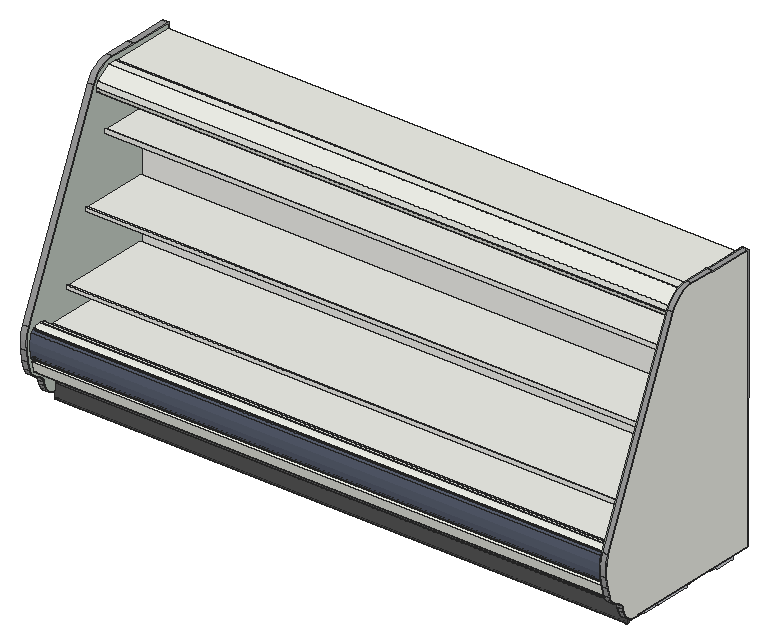
Revit family "IC3SL_2014", category Specialty Equipment, Revit 2014 (continued)
Automatic sketch dimensions
  Extrusion 4 sketch curve to Extrusion 4 sketch curve = 0.0855"  (x2)
  plane 3 "Top" to Extrusion 4 sketch curve = 3.76865"
  Extrusion 4 sketch curve to Extrusion 4 sketch curve = 0.24928"
  plane 3 "Top" to Extrusion 4 sketch curve = 5.04328"
  Extrusion 4 sketch curve to Extrusion 4 sketch curve = 0.20503"
  plane 3 "Top" to Extrusion 4 sketch curve = 5.06617"
  Extrusion 4 sketch curve to Extrusion 4 sketch curve = 0.05142"  (x2)
  Extrusion 4 sketch curve to Extrusion 4 sketch curve = 0.62294"
  Extrusion 4 sketch curve to Extrusion 4 sketch curve = 0.30253"
  plane 3 "Top" to Extrusion 4 sketch curve = 2.37382"
  Extrusion 4 sketch curve to Extrusion 4 sketch curve = 0.06775"
  plane 3 "Top" to Extrusion 4 sketch curve = 4.92891"
  plane 3 "Top" to Extrusion 4 sketch curve = 2.44919"
  Extrusion 4 sketch curve to Extrusion 4 sketch curve = 0.05328"
  plane 3 "Top" to Extrusion 4 sketch curve = 4.84608"
  Extrusion 4 sketch curve to Extrusion 4 sketch curve = 0.06924"
  Extrusion 4 sketch curve to Extrusion 4 sketch curve = 0.69167"
  plane 3 "Top" to Extrusion 4 sketch curve = 3.83425"
  Extrusion 4 sketch curve to Extrusion 4 sketch curve = 0.12066"
  plane 3 "Top" to Extrusion 4 sketch curve = 3.77469"
  Extrusion 4 sketch curve to Extrusion 4 sketch curve = 0.00036"
  level to Extrusion 4 sketch curve = 1.58082"
  Extrusion 4 sketch curve to Extrusion 4 sketch curve = 3.52792"
  Extrusion 4 sketch curve to plane 11 = 8.15832"
  Extrusion 4 sketch curve to Extrusion 4 sketch curve = 1.82053"
  plane 5 "Front" to Extrusion 4 sketch curve = 8.07405"
  Extrusion 4 sketch curve to Extrusion 4 sketch curve = 0.02089"
  Extrusion 4 sketch curve to Extrusion 4 sketch curve = 0.38322"
  Extrusion 4 sketch curve to Extrusion 4 sketch curve = 0.03165"
  Extrusion 4 sketch curve to Extrusion 4 sketch curve = 0.85356"
  Extrusion 4 sketch curve to Extrusion 4 sketch curve = 0.08776"
  Extrusion 4 sketch curve to Extrusion 4 sketch curve = 0.04779"
  Extrusion 4 sketch curve to Extrusion 4 sketch curve = 0.02665"
  Extrusion 4 sketch curve to Extrusion 4 sketch curve = 0.98434"
  Extrusion 4 sketch curve to Extrusion 4 sketch curve = 0.99165"
  Extrusion 4 sketch curve to Extrusion 4 sketch curve = 0.183"
  Extrusion 4 sketch curve to Extrusion 4 sketch curve = 0.20152"
  Extrusion 4 sketch curve to Extrusion 4 sketch curve = 0.15872"
  Extrusion 4 sketch curve to Extrusion 4 sketch curve = 0.02071"
  Extrusion 4 sketch curve to Extrusion 4 sketch curve = 0.07126"
  Extrusion 4 sketch curve to Extrusion 4 sketch curve = 0.93257"
  Extrusion 4 sketch curve to Extrusion 4 sketch curve = 0.04002"
  Extrusion 4 sketch curve to Extrusion 4 sketch curve = 0.05055"
  Extrusion 4 sketch curve to Extrusion 4 sketch curve = 0.91765"
  Extrusion 4 sketch curve to Extrusion 4 sketch curve = 0.01054"
  Extrusion 4 sketch curve to Extrusion 4 sketch curve = 0.12246"
  Extrusion 4 sketch curve to Extrusion 4 sketch curve = 2.54725"
  plane 5 "Front" to Extrusion 4 sketch curve = 1.63975"
  plane 5 "Front" to Extrusion 4 sketch curve = 1.57455"
  Extrusion 4 sketch curve to Extrusion 4 sketch curve = 0.07583"
  Extrusion 4 sketch curve to Extrusion 4 sketch curve = 0.07923"
  Extrusion 4 sketch curve to Extrusion 4 sketch curve = 0.14334"
  Extrusion 4 sketch curve to Extrusion 4 sketch curve = 0.04134"
  Extrusion 4 sketch curve to Extrusion 4 sketch curve = 0.18513"
  Extrusion 4 sketch curve to Extrusion 4 sketch curve = 0.0402"
  Extrusion 4 sketch curve to Extrusion 4 sketch curve = 0.04966"
  Extrusion 4 sketch curve to Extrusion 4 sketch curve = 0.05018"
  Extrusion 4 sketch curve to Extrusion 4 sketch curve = 0.10623"
  Extrusion 4 sketch curve to Extrusion 4 sketch curve = 0.03772"  (x2)
  Extrusion 4 sketch curve to Extrusion 4 sketch curve = 0.0342"  (x2)
  Extrusion 4 sketch curve to Extrusion 4 sketch curve = 0.52554"
  Extrusion 4 sketch curve to Extrusion 4 sketch curve = 0.01073"
  Extrusion 4 sketch curve to Extrusion 4 sketch curve = 0.2126"
  Extrusion 4 sketch curve to Extrusion 4 sketch curve = 0.02054"
  Extrusion 4 sketch curve to Extrusion 4 sketch curve = 3.11854"
  Extrusion 4 sketch curve to Extrusion 4 sketch curve = 0.09979"
  Extrusion 4 sketch curve to Extrusion 4 sketch curve = 4 133/256"
  Extrusion 4 sketch curve to Extrusion 4 sketch curve = 0.01305"
  Extrusion 4 sketch curve to Extrusion 4 sketch curve = 0.17029"
  Extrusion 4 sketch curve to Extrusion 4 sketch curve = 0.05865"
  Extrusion 4 sketch curve to Extrusion 4 sketch curve = 0.31287"
  Extrusion 4 sketch curve to Extrusion 4 sketch curve = 65/256"
  Extrusion 4 sketch curve to Extrusion 4 sketch curve = 0.0098"
  Extrusion 4 sketch curve to Extrusion 4 sketch curve = 0.43051"
  Extrusion 4 sketch curve to Extrusion 4 sketch curve = 1.02083"
  Extrusion 4 sketch curve to Extrusion 4 sketch curve = 0.0444"
  Extrusion 4 sketch curve to Extrusion 4 sketch curve = 0.12659"
  Extrusion 4 sketch curve to Extrusion 4 sketch curve = 0.12566"
  Extrusion 4 sketch curve to Extrusion 4 sketch curve = 0.24791"
  Extrusion 4 sketch curve to Extrusion 4 sketch curve = 0.01567"
  Extrusion 4 sketch curve to Extrusion 4 sketch curve = 0.16362"
  Extrusion 4 sketch curve to plane 11 = 8.62041"
  Extrusion 4 sketch curve to Extrusion 4 sketch curve = 0.01586"
  Extrusion 4 sketch curve to Extrusion 4 sketch curve = 0.36189"
  Extrusion 4 sketch curve to Extrusion 4 sketch curve = 0.7215"
  Extrusion 4 sketch curve to Extrusion 4 sketch curve = 2.54085"
  Extrusion 4 sketch curve to Extrusion 4 sketch curve = 0.49985"
  Extrusion 4 sketch curve to Extrusion 4 sketch curve = 0.46135"
  Extrusion 4 sketch curve to Extrusion 4 sketch curve = 1.06839"
  Extrusion 4 sketch curve to Extrusion 4 sketch curve = 0.92456"
  Extrusion 4 sketch curve to Extrusion 4 sketch curve = 0.01207"
  Extrusion 4 sketch curve to Extrusion 4 sketch curve = 2.18417"
  Extrusion 4 sketch curve to Extrusion 4 sketch curve = 0.38016"
  Extrusion 4 sketch curve to Extrusion 4 sketch curve = 0.06436"
  Extrusion 4 sketch curve to Extrusion 4 sketch curve = 0.0073"
  Extrusion 4 sketch curve to Extrusion 4 sketch curve = 0.91268"
  Extrusion 4 sketch curve to Extrusion 4 sketch curve = 0.05165"
  Extrusion 4 sketch curve to Extrusion 4 sketch curve = 0.13522"
  Extrusion 4 sketch curve to Extrusion 4 sketch curve = 0.02093"
  Extrusion 4 sketch curve to Extrusion 4 sketch curve = 0.0715"
  Extrusion 4 sketch curve to Extrusion 4 sketch curve = 0.45618"
  Extrusion 4 sketch curve to Extrusion 4 sketch curve = 0.04001"
  plane 3 "Top" to Extrusion 4 sketch curve = 2.46699"
  Extrusion 4 sketch curve to Extrusion 4 sketch curve = 0.63251"
  level to Extrusion 4 sketch curve = 5.51819"
  Extrusion 4 sketch curve to Extrusion 4 sketch curve = 0.16483"
  Extrusion 4 sketch curve to Extrusion 4 sketch curve = 0.0003"
  Extrusion 4 sketch curve to Extrusion 4 sketch curve = 0.05122"
  Extrusion 4 sketch curve to Extrusion 4 sketch curve = 0.00175"
  Extrusion 4 sketch curve to Extrusion 4 sketch curve = 0.00443"
  Extrusion 4 sketch curve to Extrusion 4 sketch curve = 0.06223"  (x2)
  Extrusion 4 sketch curve to Extrusion 4 sketch curve = 0"
  Extrusion 4 sketch curve to Extrusion 4 sketch curve = 0.01348"
  Extrusion 4 sketch curve to Extrusion 4 sketch curve = 0.02382"
  Extrusion 4 sketch curve to Extrusion 4 sketch curve = 0.10097"
  Extrusion 4 sketch curve to Extrusion 4 sketch curve = 0.06198"
  Extrusion 4 sketch curve to Extrusion 4 sketch curve = 0.04683"
  Extrusion 4 sketch curve to Extrusion 4 sketch curve = 5.82165"
  Extrusion 4 sketch curve to Extrusion 4 sketch curve = 2.48293"
  plane 12 to curve 10 = 0"
  curve 9 to plane 1 "Back" = 0"
  curve 13 to level = 0"
  plane 5 "Front" to curve 11 = 21.11749"
  plane 3 "Top" to curve 12 = 0.25881"
  curve 12 to plane 1 "Back" = 0.59373"
  plane 3 "Top" to curve 11 = 1.69359"
  curve 9 to curve 9 = 0.68241"
  Extrusion 5 sketch curve to Extrusion 5 sketch curve = 0.11317"
  Extrusion 5 sketch curve to Extrusion 5 sketch curve = 0.0429"
  Extrusion 5 sketch curve to Extrusion 5 sketch curve = 0.04665"
  Extrusion 5 sketch curve to Extrusion 5 sketch curve = 0.22534"
  Extrusion 5 sketch curve to Extrusion 5 sketch curve = 0.07633"
  Extrusion 5 sketch curve to Extrusion 5 sketch curve = 0.39156"
  Extrusion 5 sketch curve to Extrusion 5 sketch curve = 0.11753"
  Extrusion 5 sketch curve to Extrusion 5 sketch curve = 0.10551"
  plane 5 "Front" to Extrusion 5 sketch curve = 0.51188"  (x2)
  Extrusion 5 sketch curve to Extrusion 5 sketch curve = 0.06651"
  Extrusion 5 sketch curve to Extrusion 5 sketch curve = 0.83733"
  Extrusion 5 sketch curve to Extrusion 5 sketch curve = 0.19176"  (x2)
  Extrusion 5 sketch curve to Extrusion 5 sketch curve = 0.38016"
  Extrusion 5 sketch curve to Extrusion 5 sketch curve = 0.3295"
  Extrusion 5 sketch curve to Extrusion 5 sketch curve = 0.60971"
  Extrusion 5 sketch curve to Extrusion 5 sketch curve = 4.52154"
  Extrusion 5 sketch curve to Extrusion 5 sketch curve = 7.89549"
  Extrusion 5 sketch curve to Extrusion 5 sketch curve = 2.25476"
  Extrusion 5 sketch curve to Extrusion 5 sketch curve = 0.44614"
  Extrusion 5 sketch curve to plane 11 = 11.74238"
  Extrusion 5 sketch curve to Extrusion 5 sketch curve = 0.49366"
  Extrusion 6 sketch curve to Extrusion 6 sketch curve = 0.07165"
  plane 5 "Front" to Extrusion 6 sketch curve = 8.05671"
  plane 5 "Front" to Extrusion 15 sketch curve = 7.52039"
  level to Extrusion 15 sketch curve = 5.1115"
  Extrusion 15 sketch curve to Extrusion 15 sketch curve = 0.02488"
  Extrusion 15 sketch curve to Extrusion 15 sketch curve = 0.03483"  (x2)
  Extrusion 15 sketch curve to Extrusion 15 sketch curve = 0.01493"  (x2)
  level to Extrusion 15 sketch curve = 4.56974"
  Extrusion 15 sketch curve to Extrusion 15 sketch curve = 0.00995"
  Extrusion 15 sketch curve to Extrusion 15 sketch curve = 0.00862"  (x2)
  Extrusion 15 sketch curve to Extrusion 15 sketch curve = 0.6549"
  Extrusion 15 sketch curve to Extrusion 15 sketch curve = 0.98313"
  level to Extrusion 15 sketch curve = 2.14108"
Nested families (in)
  nested 1: "Shelf" at (0, -7.8816, 19.25), visible <- "Shelf", type "Bottom Shelf"
    with Width 144 1/2", Depth 24"
  nested 2: "Shelf" at (0, -7.8816, 49.25), visible <- "Shelf", type "Top Shelf"
    with Width 144 1/2", Depth 12"
  nested 3: "Light" at (-5.05699, -22.27359, -28.75), visible <- "Shelf Lights", type "Light"
    with Length 144 1/2"
  nested 4: "Floor Support-Side Skid-IC2XSL" at (-79.33203, 0, 0), type "Floor Support-Side Skid"
  nested 5: "Floor Support-Skid-IC2XSL" at (-7.08203, 0, 0), visible <- "8 Case", type "Floor Support-Skid"
  nested 6: "Floor Support-Side Skid-IC2XSL" at (69.21806, 0, 0) x (-1, 0, 0) z (0, 0, 1), type "Floor Support-Side Skid"
  nested 7: "Floor Support-Skid-IC2XSL" at (-31.08203, 0, 0), visible <- "12 Case", type "Floor Support-Skid"
  nested 8: "Floor Support-Skid-IC2XSL" at (20.96806, 0, 0) x (-1, 0, 0) z (0, 0, 1), visible <- "12 Case", type "Floor Support-Skid"
  nested 9: "Floor Support-Skid-IC2XSL" at (-7.08203, 0, 0), visible <- "6 Case", type "Floor Support-Skid"
  nested 10: "Light" at (-5.05699, -10.27359, 1.25), visible <- "Shelf Lights", type "Light"
    with Length 144 1/2"
  nested 11: "Light" at (-5.05699, -11.2438, 11.4302), type "Light"
    with Length 144 1/2"
  nested 12: "Shelf" at (0, -7.8816, 34.25), visible <- "Shelf", type "Middle Shelf"
    with Width 144 1/2", Depth 18"
  nested 13: "Light" at (-5.05699, -16.27359, -13.75), visible <- "Shelf Lights", type "Light"
    with Length 144 1/2"
Connectors (in)
  piping at (-4.80699, -33.5, 0), diameter 1.25, driven by "Waste Drain"
    settings: on Extrusion 1, index 8, connector inside diameter 1 1/4", connector length 0", flow factor 0, pipe flow 0 GPM, pressure drop 0.00 psi, fitting loss kfactor 0, connector angle 0.00°, fixture units 0, engagement length 0", angle of deflection 0.00°, flow configuration 0, flow direction 0, fitting loss method 0, system type 16, joint type 0, gender type 0, connector reference index -1, connector utility 0, adjustable connector no, is connector primary yes, connector description "1 1/4\""
  piping at (58.38051, -28.75, 0), diameter 0.625, driven by "Refrig. Suction", driven by "Refrigeration Lines Suction"
    settings: on Extrusion 2, index 9, connector inside diameter 7/8", connector length 0", flow factor 0, pipe flow 0 GPM, pressure drop 0.00 psi, fitting loss kfactor 0, connector angle 0.00°, fixture units 0, engagement length 0", angle of deflection 0.00°, flow configuration 0, flow direction 2, fitting loss method 0, system type 22, joint type 0, gender type 0, connector reference index -1, connector utility 0, adjustable connector no, is connector primary no, connector description "Suction"
  piping at (58.88051, -28.75, 0), diameter 0.375, driven by "Refrig. Liquid", driven by "Refrigeration Lines Liquid"
    settings: on Extrusion 3, index 10, connector inside diameter 3/8", connector length 0", flow factor 0, pipe flow 0 GPM, pressure drop 0.00 psi, fitting loss kfactor 0, connector angle 0.00°, fixture units 0, engagement length 0", angle of deflection 0.00°, flow configuration 0, flow direction 1, fitting loss method 0, system type 22, joint type 0, gender type 0, connector reference index -1, connector utility 0, adjustable connector no, is connector primary no, connector description "Liquid"
Definition of nested family "Shelf"
  Parameters (values of type "Shelf")
    Width = 24"
    URL = "www.hussmann.com"
    Type Comments = "Shelf"
    Shelves = Sheet Metal (Steel Painted) - 700 Interior White
    Model = ""
    Manufacturer = "Hussmann Corporation"
    Height = 5"
    Description = ""
    Depth = 20"
    Assembly Code = ""
    Accessories/Options = ""
  Reference planes (in)
    plane 1 "Back": y = 0
    plane 2 "Bottom": z = 0
    plane 3 "Left": x = -77.30699
    plane 4 "Right": x = -53.30699
    plane 5 "Front": y = -20
    plane 6 "Center (Left/Right)": x = -65.30699
    plane 7: z = 5
  Forms (in)
    Extrusion 1, solid, material "Sheet Metal (Steel Painted) - 700 Interior White" <- "Shelves"
      sketch origin (-77.30699, 7.75, -64.26162) x (0, 1, 0) y (0, 0, 1)
        loop
          line (-7.75, 64.26162) -> (-7.75, 68.01162) -> (-8.5, 68.01162) -> (-8.5, 69.01162) -> (-27.5, 69.01162) -> (-27.5, 69.26162) -> (-27.75, 69.26162) -> (-27.75, 68.26162) -> (-27.5, 68.26162) -> (-27.5, 68.76162) -> (-26, 68.76162) -> (-26, 68.51162) -> (-13.81963, 68.51162) -> (-7.75, 64.26162)
      from 0 to 24
  Dimensions and locks (in)
    "Width": plane 4 "Right" to plane 3 "Left"
    equal spacing: plane 4 "Right", plane 6 "Center (Left/Right)", plane 3 "Left"
    "Depth": plane 1 "Back" to plane 5 "Front"
    "Height": level to plane 7
    aligned and locked: Extrusion 1 to plane 3 "Left"
    aligned and locked: plane 4 "Right" to Extrusion 1
  Automatic sketch dimensions
    Extrusion 1 sketch curve to plane 5 "Front" = 0"
    Extrusion 1 sketch curve to plane 1 "Back" = 0"
    plane 5 "Front" to Extrusion 1 sketch curve = 1/4"  (x2)
    Extrusion 1 sketch curve to Extrusion 1 sketch curve = 1 1/2"
    plane 1 "Back" to Extrusion 1 sketch curve = 6.06963"
    plane 1 "Back" to Extrusion 1 sketch curve = 3/4"
    Extrusion 1 sketch curve to Extrusion 1 sketch curve = 3 3/4"
    Extrusion 1 sketch curve to Extrusion 1 sketch curve = 1/2"  (x2)
    Extrusion 1 sketch curve to Extrusion 1 sketch curve = 1"
    Extrusion 1 sketch curve to Extrusion 1 sketch curve = 1/4"
    Extrusion 1 sketch curve to Extrusion 1 sketch curve = 3/4"
    Extrusion 1 sketch curve to level = 0"
Definition of nested family "Floor Support-Side Skid-IC2XSL"
  Parameters (values of type "Floor Support-Skid")
    Width = 8 69/128"
    URL = "www.hussmann.com"
    Type Comments = ""
    Revit Family Date = "11/19/2015"  # constant formula
    Model = ""
    Manufacturer = "Hussmann Corporation"
    Height = 10.26407"
    Floor Support = none
    Description = ""
    Depth = 35.02835"
    Assembly Code = ""
    Accessories/Options = ""
  Reference planes (in)
    plane 1 "Back": y = 0
    plane 2 "Bottom": z = 0
    plane 3 "Top": z = 10.26407
    plane 4 "Right": x = 6.29458
    plane 5 "Front": y = -35.02835
    plane 6 "Center (Left/Right)": x = 2.02504
  Forms (in)
    Extrusion 1, solid
      sketch origin (0, 0, 0) x (1, 0, 0) y (0, 1, 0)
        loop
          line (6.2427, -0.35106) -> (5.61346, -0.35106)
          spline (5.61346, -0.35106) -> (5.60467, -0.35154) -> (5.59595, -0.35077) -> (5.58749, -0.34877) -> (5.57945, -0.3456) -> (5.572, -0.3413) -> (5.56527, -0.33596) -> (5.5594, -0.32969) -> (5.55452, -0.32262) -> (5.55071, -0.31489) -> (5.54806, -0.30664) -> (5.54661, -0.29805) -> (5.5464, -0.28928)
          line (5.5464, -0.28928) -> (5.5511, -0.1881)
          spline (5.5511, -0.1881) -> (5.55064, -0.16354) -> (5.54698, -0.1394) -> (5.54017, -0.1161) -> (5.53035, -0.09404) -> (5.51767, -0.07358) -> (5.50235, -0.05508) -> (5.48466, -0.03886) -> (5.4649, -0.02519) -> (5.44339, -0.01431) -> (5.42052, -0.00641) -> (5.39668, -0.00161) -> (5.37226, 0)
          line (5.37226, 0) -> (2.02504, 0) -> (2.02504, -30.00158) -> (2.4234, -30.00158) -> (2.4234, -34.87231) -> (2.57945, -34.87231) -> (2.57945, -35.02528) -> (4.66388, -35.02528) -> (4.66388, -34.87231) -> (4.81992, -34.87231) -> (4.81992, -29.95052)
          arc (4.81992, -29.95052) -> (5.61912, -29.41396) -> (5.92788, -28.5022) r 1.5006
          line (5.92788, -28.5022) -> (5.92843, -23.36772)
          spline (5.92843, -23.36772) -> (5.93056, -23.33509) -> (5.93693, -23.30304) -> (5.94743, -23.27209) -> (5.96187, -23.24279) -> (5.98001, -23.21563) -> (6.00154, -23.19108) -> (6.02609, -23.16955) -> (6.05325, -23.15141) -> (6.08256, -23.13697) -> (6.1135, -23.12647) -> (6.14556, -23.1201) -> (6.17818, -23.11797)
          line (6.17818, -23.11797) -> (7.49155, -23.11797)
          spline (7.49155, -23.11797) -> (7.55681, -23.1137) -> (7.62092, -23.10096) -> (7.68281, -23.07997) -> (7.74141, -23.05109) -> (7.79573, -23.01481) -> (7.84484, -22.97175) -> (7.8879, -22.92264) -> (7.92418, -22.86832) -> (7.95307, -22.80972) -> (7.97405, -22.74783) -> (7.98679, -22.68371) -> (7.99106, -22.61846)
          line (7.99106, -22.61846) -> (7.99106, -21.6167)
          spline (7.99106, -21.6167) -> (7.98679, -21.55145) -> (7.97405, -21.48733) -> (7.95307, -21.42544) -> (7.92418, -21.36684) -> (7.8879, -21.31252) -> (7.84484, -21.26341) -> (7.79573, -21.22035) -> (7.74141, -21.18407) -> (7.68281, -21.15519) -> (7.62092, -21.1342) -> (7.55681, -21.12146) -> (7.49155, -21.11719)
          line (7.49155, -21.11719) -> (6.17818, -21.11719)
          spline (6.17818, -21.11719) -> (6.14556, -21.11506) -> (6.1135, -21.10869) -> (6.08256, -21.09819) -> (6.05325, -21.08375) -> (6.02609, -21.06561) -> (6.00154, -21.04408) -> (5.98001, -21.01953) -> (5.96187, -20.99237) -> (5.94743, -20.96307) -> (5.93693, -20.93212) -> (5.93056, -20.90006) -> (5.92843, -20.86744)
          line (5.92843, -20.86744) -> (5.92843, -10.79985)
          spline (5.92843, -10.79985) -> (5.93056, -10.76722) -> (5.93693, -10.73516) -> (5.94743, -10.70422) -> (5.96187, -10.67492) -> (5.98001, -10.64776) -> (6.00154, -10.6232) -> (6.02609, -10.60167) -> (6.05325, -10.58353) -> (6.08256, -10.56909) -> (6.1135, -10.5586) -> (6.14556, -10.55223) -> (6.17818, -10.55009)
          line (6.17818, -10.55009) -> (7.49155, -10.55009)
          spline (7.49155, -10.55009) -> (7.55681, -10.54582) -> (7.62092, -10.53308) -> (7.68281, -10.5121) -> (7.74141, -10.48322) -> (7.79573, -10.44693) -> (7.84484, -10.40387) -> (7.8879, -10.35476) -> (7.92418, -10.30044) -> (7.95307, -10.24184) -> (7.97405, -10.17995) -> (7.98679, -10.11584) -> (7.99106, -10.05058)
          line (7.99106, -10.05058) -> (7.99106, -9.04882)
          spline (7.99106, -9.04882) -> (7.98679, -8.98357) -> (7.97405, -8.91946) -> (7.95307, -8.85757) -> (7.92418, -8.79896) -> (7.8879, -8.74465) -> (7.84484, -8.69554) -> (7.79573, -8.65247) -> (7.74141, -8.61619) -> (7.68281, -8.58731) -> (7.62092, -8.56632) -> (7.55681, -8.55359) -> (7.49155, -8.54932)
          line (7.49155, -8.54932) -> (6.18249, -8.54932)
          arc (6.18249, -8.54932) -> (6.0282, -8.49852) -> (5.93426, -8.36599) r 0.25973
          line (5.93426, -8.36599) -> (6.30377, -0.41601)
          spline (6.30377, -0.41601) -> (6.30361, -0.4077) -> (6.30234, -0.3995) -> (6.29999, -0.39156) -> (6.29661, -0.38402) -> (6.29225, -0.37701) -> (6.28699, -0.37067) -> (6.28093, -0.36509) -> (6.27417, -0.36039) -> (6.26683, -0.35664) -> (6.25905, -0.35392) -> (6.25096, -0.35226) -> (6.2427, -0.35106)
      from 0 to 10.26407
    Extrusion 2, void
      sketch origin (2.02504, 0, 0) x (0, 1, 0) y (0, 0, 1)
        loop
          line (-29.18397, 5.56503) -> (-8.50716, 5.56503) -> (0, 10.08456) -> (0, 10.26407) -> (-35.02528, 10.26407) -> (-35.02528, 1.08698) -> (-27.78996, 2.76906) -> (-26.7357, 2.76906) -> (-26.85079, 4.08456)
          arc (-26.85079, 4.08456) -> (-26.88112, 4.17154) -> (-26.94923, 4.23357) r 0.18744
          line (-26.94923, 4.23357) -> (-29.18397, 5.42681) -> (-29.18397, 5.56503)
      from -12.58447 to 12.58363
    Extrusion 3, void
      sketch origin (2.02504, 0, 0) x (0, 1, 0) y (0, 0, 1)
        loop
          line (-2.69879, 0) -> (0, 0) -> (0, 6.29404) -> (-2.26929, 4.02442)
          arc (-2.26929, 4.02442) -> (-2.30939, 3.96496) -> (-2.3243, 3.89481) r 0.18794
          line (-2.3243, 3.89481) -> (-2.32858, 3.6497) -> (-2.33112, 3.50443) -> (-2.33533, 3.26291) -> (-2.33949, 3.02455) -> (-2.38694, 0.30646)
          arc (-2.38694, 0.30646) -> (-2.48018, 0.08944) -> (-2.69879, 0) r 0.3119
      from -12.58447 to 12.58363
    Extrusion 4, void
      sketch origin (2.02504, 0, 0) x (0, 1, 0) y (0, 0, 1)
        loop
          line (-17.28342, 0) -> (-7.07945, 0)
          arc (-7.07945, 0) -> (-7.199, 0.02378) -> (-7.30035, 0.0915) r 0.3124
          line (-7.30035, 0.0915) -> (-7.41444, 0.20559)
          arc (-7.41444, 0.20559) -> (-7.45626, 0.23672) -> (-7.50525, 0.25454) r 0.17979
          arc (-7.50525, 0.25454) -> (-12.18143, 0.73178) -> (-16.85761, 0.25454) r 23.14851
          arc (-16.85761, 0.25454) -> (-16.90661, 0.23672) -> (-16.94843, 0.20559) r 0.17979
          line (-16.94843, 0.20559) -> (-17.06252, 0.0915)
          arc (-17.06252, 0.0915) -> (-17.16387, 0.02378) -> (-17.28342, 0) r 0.3124
      from -12.58447 to 12.58363
    Extrusion 5, void
      sketch origin (2.02504, 0, 0) x (0, 1, 0) y (0, 0, 1)
        loop
          line (-26.93283, 0.16782) -> (-26.93283, 0) -> (-25.52532, 0)
          arc (-25.52532, 0) -> (-25.68723, 0.04523) -> (-25.80225, 0.16782) r 0.3124
          line (-25.80225, 0.16782) -> (-26.93283, 0.16782)
      from -12.58447 to 12.58363
  Cuts and joins
    Extrusion 2, Extrusion 3, Extrusion 4, Extrusion 5 cuts Extrusion 1
  Dimensions and locks (in)
    plane 6 "Center (Left/Right)" to plane 4 "Right" = 4 69/256"
    "Depth": plane 5 "Front" to plane 1 "Back"
    "Height": plane 3 "Top" to level
    aligned and locked: Extrusion 1 to plane 3 "Top"
    aligned and locked: Extrusion 1 to level
  Automatic sketch dimensions
    plane 3 "Top" to Extrusion 2 sketch curve = 0"
    Extrusion 2 sketch curve to plane 1 "Back" = 0"
    plane 1 "Back" to Extrusion 2 sketch curve = 8.50716"
    level to Extrusion 2 sketch curve = 4.08456"
    plane 5 "Front" to Extrusion 2 sketch curve = 8.17757"
    level to Extrusion 2 sketch curve = 4.23357"
    Extrusion 2 sketch curve to Extrusion 2 sketch curve = 0.09844"
    Extrusion 2 sketch curve to Extrusion 2 sketch curve = 0.08829"
    level to Extrusion 2 sketch curve = 2.76906"
    Extrusion 2 sketch curve to Extrusion 2 sketch curve = 0.75244"
    Extrusion 2 sketch curve to Extrusion 2 sketch curve = 0.17952"
    Extrusion 2 sketch curve to Extrusion 2 sketch curve = 0.11509"
    Extrusion 2 sketch curve to Extrusion 2 sketch curve = 2.23474"
    level to Extrusion 2 sketch curve = 1.08698"
    Extrusion 2 sketch curve to Extrusion 2 sketch curve = 1.19324"
    Extrusion 2 sketch curve to Extrusion 2 sketch curve = 0.13822"
    plane 5 "Front" to Extrusion 2 sketch curve = 0.00307"
    plane 1 "Back" to Extrusion 3 sketch curve = 2.69879"
    Extrusion 3 sketch curve to Extrusion 3 sketch curve = 0.31186"
    level to Extrusion 3 sketch curve = 3.02455"
    plane 1 "Back" to Extrusion 3 sketch curve = 2.33949"
    level to Extrusion 3 sketch curve = 3.26291"
    Extrusion 3 sketch curve to Extrusion 3 sketch curve = 0.00416"
    level to Extrusion 3 sketch curve = 3.50443"
    Extrusion 3 sketch curve to Extrusion 3 sketch curve = 0.00422"
    level to Extrusion 3 sketch curve = 3.6497"
    Extrusion 3 sketch curve to Extrusion 3 sketch curve = 0.00254"
    level to Extrusion 3 sketch curve = 3.89481"
    Extrusion 3 sketch curve to Extrusion 3 sketch curve = 0.00428"
    Extrusion 3 sketch curve to Extrusion 3 sketch curve = 0.05501"
    Extrusion 3 sketch curve to Extrusion 3 sketch curve = 0.18791"
    Extrusion 3 sketch curve to plane 1 "Back" = 0"
    Extrusion 3 sketch curve to level = 0"
    Extrusion 3 sketch curve to Extrusion 3 sketch curve = 0.30646"
    Extrusion 3 sketch curve to Extrusion 3 sketch curve = 0.3119"
    Extrusion 3 sketch curve to Extrusion 3 sketch curve = 0.00328"
    level to Extrusion 3 sketch curve = 6.29404"
    Extrusion 3 sketch curve to Extrusion 3 sketch curve = 0"
    Extrusion 4 sketch curve to Extrusion 4 sketch curve = 0.2209"  (x2)
    Extrusion 4 sketch curve to Extrusion 4 sketch curve = 0.11409"  (x4)
    Extrusion 4 sketch curve to Extrusion 4 sketch curve = 0.12713"  (x4)
    plane 5 "Front" to Extrusion 4 sketch curve = 22.84692"
    Extrusion 4 sketch curve to Extrusion 4 sketch curve = 9.27972"
    level to Extrusion 4 sketch curve = 0.3124"
    Extrusion 4 sketch curve to Extrusion 4 sketch curve = 0.10681"  (x2)
    Extrusion 4 sketch curve to Extrusion 4 sketch curve = 22.49519"
    Extrusion 4 sketch curve to Extrusion 4 sketch curve = 0"  (x4)
    Extrusion 4 sketch curve to level = 0"
    plane 1 "Back" to Extrusion 4 sketch curve = 16.82129"
    plane 5 "Front" to Extrusion 5 sketch curve = 8.09553"
    Extrusion 5 sketch curve to Extrusion 5 sketch curve = 1.13057"
    Extrusion 5 sketch curve to Extrusion 5 sketch curve = 0.27693"
    Extrusion 5 sketch curve to level = 0"
    Extrusion 5 sketch curve to Extrusion 5 sketch curve = 0.16782"
    Extrusion 5 sketch curve to Extrusion 5 sketch curve = 0.3124"
    Extrusion 5 sketch curve to Extrusion 5 sketch curve = 0"
    Extrusion 1 sketch curve to plane 6 "Center (Left/Right)" = 0"
    plane 1 "Back" to Extrusion 1 sketch curve = 0"
    Extrusion 1 sketch curve to Extrusion 1 sketch curve = 0.39836"
    Extrusion 1 sketch curve to Extrusion 1 sketch curve = 0.15604"  (x2)
    Extrusion 1 sketch curve to plane 4 "Right" = 1.8673"
    plane 5 "Front" to Extrusion 1 sketch curve = 0.15604"  (x2)
    Extrusion 1 sketch curve to plane 4 "Right" = 1.6307"
    Extrusion 1 sketch curve to plane 4 "Right" = 0.92232"
    plane 1 "Back" to Extrusion 1 sketch curve = 0.28928"
    Extrusion 1 sketch curve to Extrusion 1 sketch curve = 0.17414"
    plane 1 "Back" to Extrusion 1 sketch curve = 0.1881"
    Extrusion 1 sketch curve to Extrusion 1 sketch curve = 0.0047"
    Extrusion 1 sketch curve to Extrusion 1 sketch curve = 0.06706"
    Extrusion 1 sketch curve to plane 4 "Right" = 0.36615"  (x2)
    Extrusion 1 sketch curve to plane 4 "Right" = 0.11639"  (x3)
    Extrusion 1 sketch curve to plane 4 "Right" = 0.11208"
    plane 4 "Right" to Extrusion 1 sketch curve = 0.0092"
    plane 4 "Right" to Extrusion 1 sketch curve = 1.19698"  (x4)
    Extrusion 1 sketch curve to Extrusion 1 sketch curve = 0.49951"  (x6)
    plane 5 "Front" to Extrusion 1 sketch curve = 0.00307"
    Extrusion 1 sketch curve to Extrusion 1 sketch curve = 4.87073"
    Extrusion 1 sketch curve to Extrusion 1 sketch curve = 0.05106"
    Extrusion 1 sketch curve to Extrusion 1 sketch curve = 1.44832"
    Extrusion 1 sketch curve to Extrusion 1 sketch curve = 5.13448"
    Extrusion 1 sketch curve to Extrusion 1 sketch curve = 0.24975"  (x3)
    Extrusion 1 sketch curve to Extrusion 1 sketch curve = 1.00176"  (x2)
    Extrusion 1 sketch curve to Extrusion 1 sketch curve = 10.06759"
    Extrusion 1 sketch curve to Extrusion 1 sketch curve = 0.25973"
    plane 1 "Back" to Extrusion 1 sketch curve = 0.41601"
    Extrusion 1 sketch curve to Extrusion 1 sketch curve = 0.06179"
    Extrusion 1 sketch curve to Extrusion 1 sketch curve = 0.31696"
    Extrusion 1 sketch curve to Extrusion 1 sketch curve = 0.1878"
    Extrusion 1 sketch curve to Extrusion 1 sketch curve = 0.00479"
    Extrusion 1 sketch curve to Extrusion 1 sketch curve = 0.04521"
    Extrusion 1 sketch curve to Extrusion 1 sketch curve = 0.24823"
    Extrusion 1 sketch curve to plane 4 "Right" = 0.11571"  (x3)
    Extrusion 1 sketch curve to plane 4 "Right" = 0.09056"
    Extrusion 1 sketch curve to plane 4 "Right" = 0.05279"
    Extrusion 1 sketch curve to plane 4 "Right" = 0.05187"
    Extrusion 1 sketch curve to Extrusion 1 sketch curve = 0"  (x4)
    plane 4 "Right" to Extrusion 1 sketch curve = 0.06162"  (x3)
    plane 4 "Right" to Extrusion 1 sketch curve = 0.84094"  (x2)
    Extrusion 1 sketch curve to Extrusion 1 sketch curve = 0.00137"  (x3)
    Extrusion 1 sketch curve to Extrusion 1 sketch curve = 0.50088"
    Extrusion 1 sketch curve to Extrusion 1 sketch curve = 0.04801"
Definition of nested family "Floor Support-Skid-IC2XSL"
  Parameters (values of type "Floor Support-Skid")
    Width = 8 69/128"
    URL = "www.hussmann.com"
    Type Comments = ""
    Revit Family Date = "11/19/2015"  # constant formula
    Model = ""
    Manufacturer = "Hussmann Corporation"
    Height = 10.26407"
    Floor Support = none
    Description = ""
    Depth = 35.02835"
    Assembly Code = ""
    Accessories/Options = ""
  Reference planes (in)
    plane 1 "Back": y = 0
    plane 2 "Bottom": z = 0
    plane 3 "Top": z = 10.26407
    plane 4 "Left": x = -2.24449
    plane 5 "Right": x = 6.29458
    plane 6 "Front": y = -35.02835
    plane 7 "Center (Left/Right)": x = 2.02504
  Forms (in)
    Extrusion 1, solid
      sketch origin (0, 0, 0) x (1, 0, 0) y (0, 1, 0)
        loop
          spline (-1.32217, 0) -> (-1.34659, -0.00161) -> (-1.37043, -0.00641) -> (-1.3933, -0.01431) -> (-1.41481, -0.02519) -> (-1.43457, -0.03886) -> (-1.45226, -0.05508) -> (-1.46758, -0.07358) -> (-1.48026, -0.09404) -> (-1.49008, -0.1161) -> (-1.49689, -0.1394) -> (-1.50055, -0.16354) -> (-1.50101, -0.1881)
          line (-1.50101, -0.1881) -> (-1.49631, -0.28928)
          spline (-1.49631, -0.28928) -> (-1.49647, -0.29741) -> (-1.49768, -0.3054) -> (-1.49994, -0.31311) -> (-1.5032, -0.32041) -> (-1.5074, -0.32719) -> (-1.51248, -0.33331) -> (-1.51835, -0.33868) -> (-1.52491, -0.3432) -> (-1.53204, -0.34681) -> (-1.53962, -0.34942) -> (-1.54753, -0.35101) -> (-1.55563, -0.35155)
          line (-1.55563, -0.35155) -> (-2.17664, -0.35155)
          spline (-2.17664, -0.35155) -> (-2.18544, -0.35107) -> (-2.19415, -0.35184) -> (-2.20261, -0.35384) -> (-2.21065, -0.35701) -> (-2.21811, -0.36131) -> (-2.22484, -0.36665) -> (-2.2307, -0.37292) -> (-2.23558, -0.37999) -> (-2.23939, -0.38772) -> (-2.24204, -0.39597) -> (-2.24349, -0.40456) -> (-2.2437, -0.41333)
          line (-2.2437, -0.41333) -> (-1.86829, -8.49024) -> (-1.86829, -28.85762)
          arc (-1.86829, -28.85762) -> (-1.78569, -29.25643) -> (-1.55249, -29.59033) r 1.01143
          arc (-1.55249, -29.59033) -> (-1.07593, -29.89498) -> (-0.52044, -30.00158) r 1.50058
          line (-0.52044, -30.00158) -> (0.82679, -30.00158) -> (0.82679, -34.87231) -> (0.98283, -34.87231) -> (0.98283, -35.02528) -> (3.06726, -35.02528) -> (3.06726, -34.87231) -> (3.2233, -34.87231) -> (3.2233, -30.00158) -> (4.57053, -30.00158)
          arc (4.57053, -30.00158) -> (5.12602, -29.89498) -> (5.60258, -29.59033) r 1.50058
          arc (5.60258, -29.59033) -> (5.83578, -29.25643) -> (5.91838, -28.85762) r 1.01143
          line (5.91838, -28.85762) -> (5.91838, -8.49024) -> (6.29379, -0.41333)
          spline (6.29379, -0.41333) -> (6.29364, -0.4052) -> (6.29242, -0.39721) -> (6.29016, -0.3895) -> (6.28691, -0.3822) -> (6.2827, -0.37542) -> (6.27762, -0.3693) -> (6.27175, -0.36393) -> (6.2652, -0.35941) -> (6.25806, -0.3558) -> (6.25048, -0.35319) -> (6.24257, -0.3516) -> (6.23447, -0.35106)
          line (6.23447, -0.35106) -> (5.61346, -0.35106)
          spline (5.61346, -0.35106) -> (5.60467, -0.35154) -> (5.59595, -0.35077) -> (5.58749, -0.34877) -> (5.57945, -0.3456) -> (5.572, -0.3413) -> (5.56527, -0.33596) -> (5.5594, -0.32969) -> (5.55452, -0.32262) -> (5.55071, -0.31489) -> (5.54806, -0.30664) -> (5.54661, -0.29805) -> (5.5464, -0.28928)
          line (5.5464, -0.28928) -> (5.5511, -0.1881)
          spline (5.5511, -0.1881) -> (5.55064, -0.16354) -> (5.54698, -0.1394) -> (5.54017, -0.1161) -> (5.53035, -0.09404) -> (5.51767, -0.07358) -> (5.50235, -0.05508) -> (5.48466, -0.03886) -> (5.4649, -0.02519) -> (5.44339, -0.01431) -> (5.42052, -0.00641) -> (5.39668, -0.00161) -> (5.37226, 0)
          line (5.37226, 0) -> (-1.32217, 0)
      from 0 to 10.26407
    Extrusion 2, void
      sketch origin (2.02504, 0, 0) x (0, 1, 0) y (0, 0, 1)
        loop
          line (-29.18397, 5.56503) -> (-8.50716, 5.56503) -> (0, 10.08456) -> (0, 10.26407) -> (-35.02528, 10.26407) -> (-35.02528, 1.08698) -> (-27.78996, 2.76906) -> (-26.7357, 2.76906) -> (-26.85079, 4.08456)
          arc (-26.85079, 4.08456) -> (-26.88112, 4.17154) -> (-26.94923, 4.23357) r 0.18744
          line (-26.94923, 4.23357) -> (-29.18397, 5.42681) -> (-29.18397, 5.56503)
      from -12.58447 to 12.58363
    Extrusion 3, void
      sketch origin (2.02504, 0, 0) x (0, 1, 0) y (0, 0, 1)
        loop
          line (-2.69879, 0) -> (0, 0) -> (0, 6.29404) -> (-2.26929, 4.02442)
          arc (-2.26929, 4.02442) -> (-2.30939, 3.96496) -> (-2.3243, 3.89481) r 0.18794
          line (-2.3243, 3.89481) -> (-2.32858, 3.6497) -> (-2.33112, 3.50443) -> (-2.33533, 3.26291) -> (-2.33949, 3.02455) -> (-2.38694, 0.30646)
          arc (-2.38694, 0.30646) -> (-2.48018, 0.08944) -> (-2.69879, 0) r 0.3119
      from -12.58447 to 12.58363
    Extrusion 4, void
      sketch origin (2.02504, 0, 0) x (0, 1, 0) y (0, 0, 1)
        loop
          line (-17.28342, 0) -> (-7.07945, 0)
          arc (-7.07945, 0) -> (-7.199, 0.02378) -> (-7.30035, 0.0915) r 0.3124
          line (-7.30035, 0.0915) -> (-7.41444, 0.20559)
          arc (-7.41444, 0.20559) -> (-7.45626, 0.23672) -> (-7.50525, 0.25454) r 0.17979
          arc (-7.50525, 0.25454) -> (-12.18143, 0.73178) -> (-16.85761, 0.25454) r 23.14851
          arc (-16.85761, 0.25454) -> (-16.90661, 0.23672) -> (-16.94843, 0.20559) r 0.17979
          line (-16.94843, 0.20559) -> (-17.06252, 0.0915)
          arc (-17.06252, 0.0915) -> (-17.16387, 0.02378) -> (-17.28342, 0) r 0.3124
      from -12.58447 to 12.58363
    Extrusion 5, void
      sketch origin (2.02504, 0, 0) x (0, 1, 0) y (0, 0, 1)
        loop
          line (-26.93283, 0.16782) -> (-26.93283, 0) -> (-25.52532, 0)
          arc (-25.52532, 0) -> (-25.68723, 0.04523) -> (-25.80225, 0.16782) r 0.3124
          line (-25.80225, 0.16782) -> (-26.93283, 0.16782)
      from -12.58447 to 12.58363
  Cuts and joins
    Extrusion 2, Extrusion 3, Extrusion 4, Extrusion 5 cuts Extrusion 1
  Dimensions and locks (in)
    equal spacing: plane 4 "Left", plane 7 "Center (Left/Right)", plane 5 "Right"
    "Width": plane 4 "Left" to plane 5 "Right"
    "Depth": plane 6 "Front" to plane 1 "Back"
    "Height": plane 3 "Top" to level
    aligned and locked: Extrusion 1 to plane 3 "Top"
    aligned and locked: Extrusion 1 to level
  Automatic sketch dimensions
    plane 1 "Back" to Extrusion 1 sketch curve = 0"
    plane 4 "Left" to Extrusion 1 sketch curve = 0.00078"
    plane 4 "Left" to Extrusion 1 sketch curve = 0.06784"
    plane 4 "Left" to Extrusion 1 sketch curve = 0.37619"
    plane 1 "Back" to Extrusion 1 sketch curve = 45/128"
    Extrusion 1 sketch curve to Extrusion 1 sketch curve = 0.62101"
    plane 1 "Back" to Extrusion 1 sketch curve = 0.1881"  (x2)
    Extrusion 1 sketch curve to Extrusion 1 sketch curve = 0.05462"
    Extrusion 1 sketch curve to Extrusion 1 sketch curve = 0.05932"
    Extrusion 1 sketch curve to Extrusion 1 sketch curve = 0.17885"
    Extrusion 1 sketch curve to Extrusion 1 sketch curve = 1.01143"
    Extrusion 1 sketch curve to Extrusion 1 sketch curve = 0.33642"  (x2)
    plane 6 "Front" to Extrusion 1 sketch curve = 0.15604"  (x2)
    Extrusion 1 sketch curve to plane 7 "Center (Left/Right)" = 1.19826"
    Extrusion 1 sketch curve to Extrusion 1 sketch curve = 0.15604"  (x2)
    Extrusion 1 sketch curve to plane 5 "Right" = 1.72404"
    Extrusion 1 sketch curve to plane 5 "Right" = 0.92232"
    plane 1 "Back" to Extrusion 1 sketch curve = 0.28928"
    Extrusion 1 sketch curve to Extrusion 1 sketch curve = 0.17414"
    Extrusion 1 sketch curve to Extrusion 1 sketch curve = 0.0047"
    Extrusion 1 sketch curve to Extrusion 1 sketch curve = 0.06706"
    Extrusion 1 sketch curve to plane 5 "Right" = 0.37619"
    Extrusion 1 sketch curve to plane 5 "Right" = 0.0601"
    Extrusion 1 sketch curve to plane 5 "Right" = 0.00078"
    Extrusion 1 sketch curve to Extrusion 1 sketch curve = 4.87073"
    Extrusion 1 sketch curve to Extrusion 1 sketch curve = 0"  (x2)
    Extrusion 1 sketch curve to Extrusion 1 sketch curve = 1.14396"  (x2)
    Extrusion 1 sketch curve to Extrusion 1 sketch curve = 0.00152"  (x2)
    Extrusion 1 sketch curve to Extrusion 1 sketch curve = 0.35509"  (x2)
    Extrusion 1 sketch curve to Extrusion 1 sketch curve = 8.20097"
    plane 1 "Back" to Extrusion 1 sketch curve = 0.41333"
    Extrusion 1 sketch curve to Extrusion 1 sketch curve = 0.06179"
    Extrusion 1 sketch curve to Extrusion 1 sketch curve = 0.06227"  (x2)
    Extrusion 1 sketch curve to Extrusion 1 sketch curve = 0.00479"  (x2)
    Extrusion 1 sketch curve to Extrusion 1 sketch curve = 0.04521"  (x2)
    Extrusion 1 sketch curve to Extrusion 1 sketch curve = 0.10747"
    Extrusion 1 sketch curve to Extrusion 1 sketch curve = 0.06226"  (x2)
    Extrusion 1 sketch curve to Extrusion 1 sketch curve = 0.1878"  (x2)
    Extrusion 1 sketch curve to Extrusion 1 sketch curve = 0.13387"
    Extrusion 1 sketch curve to Extrusion 1 sketch curve = 0.31696"
    Extrusion 1 sketch curve to plane 5 "Right" = 0.10825"
    plane 6 "Front" to Extrusion 1 sketch curve = 0.00307"
    plane 7 "Center (Left/Right)" to Extrusion 1 sketch curve = 1.04221"
    plane 3 "Top" to Extrusion 2 sketch curve = 0"
    Extrusion 2 sketch curve to plane 1 "Back" = 0"
    plane 1 "Back" to Extrusion 2 sketch curve = 8.50716"
    level to Extrusion 2 sketch curve = 4.08456"
    plane 6 "Front" to Extrusion 2 sketch curve = 8.17757"
    level to Extrusion 2 sketch curve = 4.23357"
    Extrusion 2 sketch curve to Extrusion 2 sketch curve = 0.09844"
    Extrusion 2 sketch curve to Extrusion 2 sketch curve = 0.08829"
    level to Extrusion 2 sketch curve = 2.76906"
    Extrusion 2 sketch curve to Extrusion 2 sketch curve = 0.75244"
    Extrusion 2 sketch curve to Extrusion 2 sketch curve = 0.17952"
    Extrusion 2 sketch curve to Extrusion 2 sketch curve = 0.11509"
    Extrusion 2 sketch curve to Extrusion 2 sketch curve = 2.23474"
    level to Extrusion 2 sketch curve = 1.08698"
    Extrusion 2 sketch curve to Extrusion 2 sketch curve = 1.19324"
    Extrusion 2 sketch curve to Extrusion 2 sketch curve = 0.13822"
    plane 6 "Front" to Extrusion 2 sketch curve = 0.00307"
    plane 1 "Back" to Extrusion 3 sketch curve = 2.69879"
    Extrusion 3 sketch curve to Extrusion 3 sketch curve = 0.31186"
    level to Extrusion 3 sketch curve = 3.02455"
    plane 1 "Back" to Extrusion 3 sketch curve = 2.33949"
    level to Extrusion 3 sketch curve = 3.26291"
    Extrusion 3 sketch curve to Extrusion 3 sketch curve = 0.00416"
    level to Extrusion 3 sketch curve = 3.50443"
    Extrusion 3 sketch curve to Extrusion 3 sketch curve = 0.00422"
    level to Extrusion 3 sketch curve = 3.6497"
    Extrusion 3 sketch curve to Extrusion 3 sketch curve = 0.00254"
    level to Extrusion 3 sketch curve = 3.89481"
    Extrusion 3 sketch curve to Extrusion 3 sketch curve = 0.00428"
    Extrusion 3 sketch curve to Extrusion 3 sketch curve = 0.05501"
    Extrusion 3 sketch curve to Extrusion 3 sketch curve = 0.18791"
    Extrusion 3 sketch curve to plane 1 "Back" = 0"
    Extrusion 3 sketch curve to level = 0"
    Extrusion 3 sketch curve to Extrusion 3 sketch curve = 0.30646"
    Extrusion 3 sketch curve to Extrusion 3 sketch curve = 0.3119"
    Extrusion 3 sketch curve to Extrusion 3 sketch curve = 0.00328"
    level to Extrusion 3 sketch curve = 6.29404"
    Extrusion 3 sketch curve to Extrusion 3 sketch curve = 0"
    Extrusion 4 sketch curve to Extrusion 4 sketch curve = 0.2209"  (x2)
    Extrusion 4 sketch curve to Extrusion 4 sketch curve = 0.11409"  (x4)
    Extrusion 4 sketch curve to Extrusion 4 sketch curve = 0.12713"  (x4)
    plane 6 "Front" to Extrusion 4 sketch curve = 22.84692"
    Extrusion 4 sketch curve to Extrusion 4 sketch curve = 9.27972"
    level to Extrusion 4 sketch curve = 0.3124"
    Extrusion 4 sketch curve to Extrusion 4 sketch curve = 0.10681"  (x2)
    Extrusion 4 sketch curve to Extrusion 4 sketch curve = 22.49519"
    Extrusion 4 sketch curve to Extrusion 4 sketch curve = 0"  (x4)
    Extrusion 4 sketch curve to level = 0"
    plane 1 "Back" to Extrusion 4 sketch curve = 16.82129"
    plane 6 "Front" to Extrusion 5 sketch curve = 8.09553"
    Extrusion 5 sketch curve to Extrusion 5 sketch curve = 1.13057"
    Extrusion 5 sketch curve to Extrusion 5 sketch curve = 0.27693"
    Extrusion 5 sketch curve to level = 0"
    Extrusion 5 sketch curve to Extrusion 5 sketch curve = 0.16782"
    Extrusion 5 sketch curve to Extrusion 5 sketch curve = 0.3124"
    Extrusion 5 sketch curve to Extrusion 5 sketch curve = 0"
Definition of nested family "Light"
  Parameters (values of type "Light")
    Wattage = 16.1571 W
    built-in parameter 1150110 = 1 (stored number, unit not read)
    built-in parameter 1114217 = 1 (stored number, unit not read)
    built-in parameter 1150109 = 1 (stored number, unit not read)
    built-in parameter 1150134 = (empty or 0)
    built-in parameter 1150113 = 1 (stored number, unit not read)
    Lumens = 2400 lm
    built-in parameter 1150115 = 1 (stored number, unit not read)
    built-in parameter 1150105 = 763.94 (stored number, unit not read)
    Light Source Symbol Size = 24"
    built-in parameter 1150137 = (empty or 0)
    built-in parameter 1150139 = (empty or 0)
    Lense = none
    Length = 145"
    built-in parameter 1150112 = 1 (stored number, unit not read)
    built-in parameter 1150114 = 1 (stored number, unit not read)
    built-in parameter 1150132 = 2
    built-in parameter 1150102 = (empty or 0)
    built-in parameter 1150138 = (empty or 0)
    built-in parameter 1150107 = 6100 (stored number, unit not read)
    built-in parameter 1150106 = 7.6394 (stored number, unit not read)
    Emit from Line Length = Length  # 145"
    built-in parameter 1150104 = 13.8 (stored number, unit not read)
    Dimming Lamp Color Temperature Shift = (empty or 0)
    Color Filter = 16777215
    Casing = none
    built-in parameter 1114218 = 1 (stored number, unit not read)
    built-in parameter 1150133 = 10 (stored number, unit not read)
  Reference planes (in)
    plane 1 "Light Source Axis (F/B)": y = -8.60801
    plane 2: z = 0
    plane 3 "Light Source Axis (L/R)": x = 0
    plane 4 "Light Source Elevation": z = 52.5
    plane 5: z = 0
    plane 6 "Left": x = -72.5
    plane 7 "Right": x = 72.5
  Lines and regions (in)
    model lines
      curve 1: line (-72.5, -8.60801, 52.5) -> (72.5, -8.60801, 52.5)
  Dimensions and locks (in)
    equal spacing: plane 7 "Right", plane 3 "Light Source Axis (L/R)", plane 6 "Left"
    "Length": plane 7 "Right" to plane 6 "Left"
    aligned and locked: plane 3 "Light Source Axis (L/R)" to imposter light
    aligned and locked: plane 1 "Light Source Axis (F/B)" to imposter light
    aligned and locked: plane 4 "Light Source Elevation" to imposter light
    aligned and locked: level to plane 5
  Automatic sketch dimensions
    plane 1 "Light Source Axis (F/B)" to curve 1 = 0"
    curve 1 to plane 6 "Left" = 0"
    curve 1 to plane 7 "Right" = 0"
Types (4): name | Width | Total Weight | Drain Location | Case Weight | 8 Case | 6 Case | 12 Case
  12'-0" Length | 144 1/2" | 1350.00 lbf | 72" | 1200.00 lbf | no | no | yes
  8'-0" Length | 96 1/4" | 1150.00 lbf | 24" | 1000.00 lbf | yes | no | no
  6'-0" Length | 72 1/4" | 950.00 lbf | 24" | 800.00 lbf | no | yes | no
  4'-0" Length | 48 1/8" | 750.00 lbf | 24" | 600.00 lbf | no | no | no
